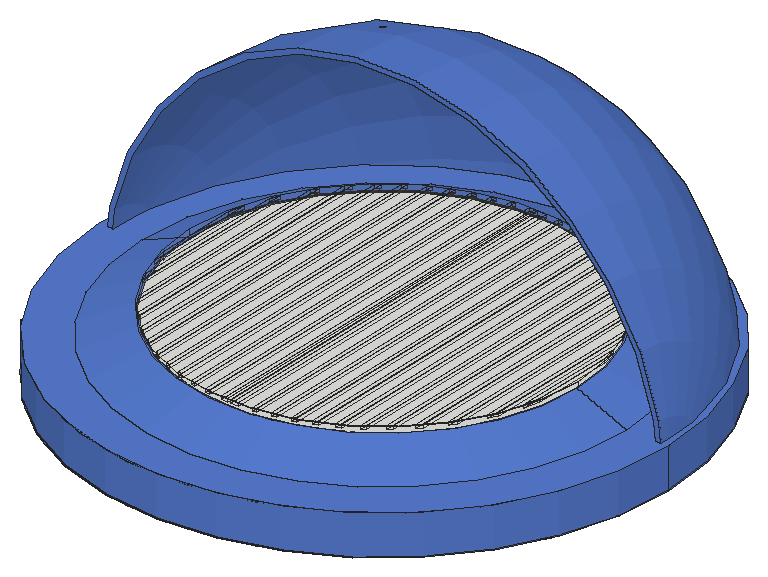
Revit family "ASL7R", category Lighting Fixtures, host Face, Revit 2014
Parameters (values of type "Flush")
  second end = Length + 0.01"  # 0.01"
  Wattage = 9.2903 W
  Warranty = "5-Years Warranty"  # constant formula
  built-in parameter 1150110 = 1 (stored number, unit not read)
  Voltage = 120 V
  Type Comments = "Lighting Fixture"  # constant formula
  built-in parameter 1114217 = 1 (stored number, unit not read)
  Tilt Angle = -180.00°
  built-in parameter 1150109 = 1 (stored number, unit not read)
  built-in parameter 1150134 = 3
  built-in parameter 1150113 = 1 (stored number, unit not read)
  Product Page URL = "https://www.hubbell.com/hubbelllightingci/en/Products/Lighting-Controls/Commercial-Outdoor-Lighting/Step-Lights/Steplights---7-Small/p/220830"
  Product Documentation Link = "https://hubbellcdn.com/specsheet/aal_asl7r_spec.pdf"
  Power Factor = 1
  Photometric Web File = "ASL7-RD-EYE-LV50.IES"
  Photometric Notes = "More IES files download on Photometric Link"  # constant formula
  Photometric Link = "https://www.hubbell.com/hubbelllightingci/en/Products/Lighting-Controls/Commercial-Outdoor-Lighting/Step-Lights/Steplights---7-Small/p/220830#prod-resources-section"
  Wattage Comments = "12W"
  URL = "https://www.hubbell.com/architecturalarealighting/en/"
  Mounting = "Wall"  # constant formula
  Model = "Steplights 7 Small"  # constant formula
  Manufacturer = "Architectural Arealighting"  # constant formula
  built-in parameter 1150105 = 109.82 (stored number, unit not read)
  Lumens = 1380 lm
  built-in parameter 1150115 = 1 (stored number, unit not read)
  Load Classification = Lighting
  built-in parameter 1150137 = (empty or 0)
  built-in parameter 1150139 = (empty or 0)
  Length = 0.00"
  built-in parameter 1150112 = 1 (stored number, unit not read)
  built-in parameter 1150114 = 1 (stored number, unit not read)
  Lamp = "LED"  # constant formula
  built-in parameter 1150132 = (empty or 0)
  built-in parameter 1150102 = (empty or 0)
  built-in parameter 1150107 = 3200 (stored number, unit not read)
  built-in parameter 1150138 = (empty or 0)
  built-in parameter 1150106 = 1.0982 (stored number, unit not read)
  Glass = Glass - Hubbell - White
  First end = 0.85"
  Fascia Design [instance] = Fascia : Frosted Lens
  Emit from Circle Diameter = 8.00"
  Emit Shape Visible in Rendering = no
  built-in parameter 1150104 = 13.8 (stored number, unit not read)
  Dimming Lamp Color Temperature Shift = <None>
  Description = "The Steplights collection brings you a full palette of designs with exceptional lighting performance. Choose from 2 shapes, 2 materials, 2 sizes, 3 fascia designs, and 3 mounting options to best suit your applications. AAL's small Steplights are now available with a 5-watt energy-efficient and long life LED system"  # constant formula
  Default Elevation = 48.00"
  Create Date = "10/29/2018"  # constant formula
  Copyright = "Copyright © 2018 Architectural Arealighting"  # constant formula
  Contact Us = "https://www.hubbell.com/hubbelllightingci/en/contactUs?productId=220846"
  Housing Material = Metal - Hubbell - Aluminum, Anodized Blue
  Color Filter = 16777215
  built-in parameter 1114218 = 1 (stored number, unit not read)
  built-in parameter 1150133 = 10 (stored number, unit not read)
  Assembly Code = "D5020200"
  Apparent Load = 0 VA
Types (4): name | second end | Tilt Angle | Length | Emit from Circle Diameter
  (no name) | 0.01" | -180.00° | 0.00" | 8.00"
  Flush | 0.01" | -180.00° | 0.00" | 8.00"
  Semi-recessed | 1.69" | -120.00° | 1.68" | 11.00"
  Surface | 4.81" | -120.00° | 4.80" | 11.00"
Reference planes (in)
  plane 1 "Center (Front/Back)": y = 13.01342
  plane 2: z = 0
  plane 3 "Center (Left/Right)": x = 0
  plane 4: z = 4
  plane 5: z = 2.68
Forms (in)
  Extrusion 1, solid, material "Metal - Hubbell - Aluminum, Anodized Blue" <- "Housing Material"
    sketch origin (0, -0.125, 0) x (1, 0, 0) y (0, 1, 0)
      loop
        circle (0, 13.13842) r 4.25
    from 0 to 0.01 <- "second end"
Lines and regions (in)
  reference lines
    curve 1: line (-11.5, 13.01342, 0) -> (14.25, 13.01342, 0)
Dimensions and locks (in)
  "Length": curve 1 to plane 2
  plane 4 to plane 5 to plane 2 = 1.32", 2.68"
  plane 5 to plane 2 = 2.68"
  aligned and locked: plane 2 to host face
  aligned and locked: level to host face
  aligned and locked: plane 3 "Center (Left/Right)" to nested 1
  aligned and locked: plane 3 "Center (Left/Right)" to Extrusion 1 sketch curve
  aligned and locked: plane 1 "Center (Front/Back)" to Extrusion 1 sketch curve
  aligned and locked: curve 1 to nested 1
Automatic sketch dimensions
  host sketch curve to host sketch curve = 96.00"  (x2)
  curve 1 to plane 3 "Center (Left/Right)" = 11.50"
  plane 3 "Center (Left/Right)" to curve 1 = 14.25"
  radius of Extrusion 1 sketch curve = 4.25"
Nested families (in)
  nested 1: "Fascia" at (0, 13.01342, 0), type "RD Eye Eyelid"
Definition of nested family "Fascia"
  Parameters (values of type "Linear Spread lens")
    second end = 1.31"
    RD-Eye Eyelid = no
    Linear Spread = yes
    Glass = Glass - Hubbell - White
    First end = 0.85"
    Face Material = Metal-Hubbell-Aluminum Anodized Blue
    Cross = no
  Types (5): name | RD-Eye Eyelid | Linear Spread | Glass | Cross
    Frosted Lens | no | no | Steel, Non-Alloy | no
    Linear Spread lens | no | yes | Glass - Hubbell - White | no
    Cross Frosted Lens | no | no | Glass - Hubbell - White | yes
    Cross Linear Spread lens | no | yes | Glass - Hubbell - White | yes
    RD Eye Eyelid | yes | yes | Glass - Hubbell - White | no
  Reference planes (in)
    plane 1 "Center (Front/Back)": y = 0
    plane 2: z = 0
    plane 3 "Center (Left/Right)": x = 0
  Forms (in)
    Extrusion 1, solid, material "Metal-Hubbell-Aluminum Anodized Blue" <- "Face Material"
      sketch origin (0, 0, 0) x (1, 0, 0) y (0, 1, 0)
        loop
          circle (0, 0) r 4.25
      from 0 to 0.6
    Blend 2, solid, material "Metal-Hubbell-Aluminum Anodized Blue" <- "Face Material"
      base sketch origin (0, 0, 0.85) x (1, 0, 0) y (0, 1, 0)
        loop
          circle (0, 0) r 3.625
      top sketch origin (0, 0, 0.85) x (1, 0, 0) y (0, 1, 0)
        loop
          circle (0, 0) r 2.875
      from -0.25 to 0.05
    Extrusion 3, solid, material "Metal-Hubbell-Aluminum Anodized Blue" <- "Face Material", visible <- "Cross"
      sketch origin (0, 0, 0) x (1, 0, 0) y (0, 1, 0)
        loop
          arc (-0.22051, -2.86653) -> (-0.00418, -2.875) -> (0.21218, -2.86716) r 2.875
          line (0.21218, -2.86716) -> (0.21218, -0.21637) -> (2.86704, -0.21378)
          arc (2.86704, -0.21378) -> (2.87301, -0.10697) -> (2.875, 0) r 2.875
          arc (2.875, 0) -> (2.87291, 0.10953) -> (2.86665, 0.2189) r 2.875
          line (2.86665, 0.2189) -> (0.21218, 0.21632) -> (0.21218, 2.86716)
          arc (0.21218, 2.86716) -> (-0.00418, 2.875) -> (-0.22051, 2.86653) r 2.875
          line (-0.22051, 2.86653) -> (-0.22051, 0.2159) -> (-2.86707, 0.21332)
          arc (-2.86707, 0.21332) -> (-2.87302, 0.10674) -> (-2.875, 0) r 2.875
          arc (-2.875, 0) -> (-2.8729, -0.10976) -> (-2.86662, -0.21936) r 2.875
          line (-2.86662, -0.21936) -> (-0.22051, -0.21679) -> (-0.22051, -2.86653)
      from 0.99116 to 1.05036
    Revolve 4, solid, material "Metal-Hubbell-Aluminum Anodized Blue" <- "Face Material", visible <- "RD-Eye Eyelid"
      sketch origin (0, 0, 0) x (1, 0, 0) y (0, 1, 0)
        loop
          line (-4.19033, 0) -> (-4.11052, 0)
          arc (-4.11052, 0) -> (0, 4.11052) -> (4.11052, 0) r 4.11052
          line (4.11052, 0) -> (4.19033, 0)
          arc (4.19033, 0) -> (0, 4.19033) -> (-4.19033, 0) r 4.19033
        axis (4.19033, 0) -> (-4.19033, 0)
      angle from -90 to 0
    Extrusion 5, solid, material "Glass - Hubbell - White" <- "Glass", visible <- "Linear Spread"
      sketch origin (0, 0, 0) x (1, 0, 0) y (0, 1, 0)
        loop
          circle (0, 0) r 2.9
      from 0.9 to 0.99116
    Extrusion 6, void
      sketch origin (0, 0, 0) x (1, 0, 0) y (0, 1, 0)
        loop
          arc (0.32072, -2.85705) -> (0.35124, -2.85346) -> (0.38172, -2.84955) r 2.875
          line (0.38172, -2.84955) -> (0.38172, 2.84955)
          arc (0.38172, 2.84955) -> (0.35124, 2.85346) -> (0.32072, 2.85705) r 2.875
          line (0.32072, 2.85705) -> (0.32072, -2.85705)
        loop
          arc (0.57072, -2.81778) -> (0.60126, -2.81143) -> (0.63172, -2.80474) r 2.875
          line (0.63172, -2.80474) -> (0.63172, 2.80474)
          arc (0.63172, 2.80474) -> (0.60126, 2.81143) -> (0.57072, 2.81778) r 2.875
          line (0.57072, 2.81778) -> (0.57072, -2.81778)
        loop
          arc (0.82072, -2.75537) -> (0.85128, -2.74608) -> (0.88172, -2.73646) r 2.875
          line (0.88172, -2.73646) -> (0.88172, 2.73646)
          arc (0.88172, 2.73646) -> (0.85128, 2.74608) -> (0.82072, 2.75537) r 2.875
          line (0.82072, 2.75537) -> (0.82072, -2.75537)
        loop
          arc (1.07072, -2.66818) -> (1.1013, -2.65571) -> (1.13172, -2.64288) r 2.875
          line (1.13172, -2.64288) -> (1.13172, 2.64288)
          arc (1.13172, 2.64288) -> (1.1013, 2.65571) -> (1.07072, 2.66818) r 2.875
          line (1.07072, 2.66818) -> (1.07072, -2.66818)
        loop
          arc (1.32072, -2.55369) -> (1.35132, -2.53763) -> (1.38172, -2.5212) r 2.875
          line (1.38172, -2.5212) -> (1.38172, 2.5212)
          arc (1.38172, 2.5212) -> (1.35132, 2.53763) -> (1.32072, 2.55369) r 2.875
          line (1.32072, 2.55369) -> (1.32072, -2.55369)
        loop
          arc (1.57072, -2.408) -> (1.60135, -2.38774) -> (1.63172, -2.36709) r 2.875
          line (1.63172, -2.36709) -> (1.63172, 2.36709)
          arc (1.63172, 2.36709) -> (1.60135, 2.38774) -> (1.57072, 2.408) r 2.875
          line (1.57072, 2.408) -> (1.57072, -2.408)
        loop
          arc (1.82072, -2.22499) -> (1.8514, -2.19953) -> (1.88172, -2.17365) r 2.875
          line (1.88172, -2.17365) -> (1.88172, 2.17365)
          arc (1.88172, 2.17365) -> (1.8514, 2.19953) -> (1.82072, 2.22499) r 2.875
          line (1.82072, 2.22499) -> (1.82072, -2.22499)
        loop
          arc (2.07072, -1.99442) -> (2.10148, -1.96199) -> (2.13172, -1.92909) r 2.875
          line (2.13172, -1.92909) -> (2.13172, 1.92909)
          arc (2.13172, 1.92909) -> (2.10148, 1.96199) -> (2.07072, 1.99442) r 2.875
          line (2.07072, 1.99442) -> (2.07072, -1.99442)
        loop
          arc (2.32072, -1.69702) -> (2.35162, -1.65393) -> (2.38172, -1.61029) r 2.875
          line (2.38172, -1.61029) -> (2.38172, 1.61029)
          arc (2.38172, 1.61029) -> (2.35162, 1.65393) -> (2.32072, 1.69702) r 2.875
          line (2.32072, 1.69702) -> (2.32072, -1.69702)
        loop
          arc (2.57072, -1.28725) -> (2.60203, -1.22272) -> (2.63172, -1.15744) r 2.875
          line (2.63172, -1.15744) -> (2.63172, 1.15744)
          arc (2.63172, 1.15744) -> (2.60203, 1.22272) -> (2.57072, 1.28725) r 2.875
          line (2.57072, 1.28725) -> (2.57072, -1.28725)
        loop
          arc (2.74957, -0.83995) -> (2.78254, -0.72325) -> (2.81057, -0.60527) r 2.875
          line (2.81057, -0.60527) -> (2.81057, 0.60527)
          arc (2.81057, 0.60527) -> (2.78254, 0.72325) -> (2.74957, 0.83995) r 2.875
          line (2.74957, 0.83995) -> (2.74957, -0.83995)
        loop
          line (-0.04309, -2.87476) -> (-0.04309, 2.87468)
          arc (-0.04309, 2.87468) -> (-0.08742, 2.87367) -> (-0.13172, 2.87198) r 2.875
          line (-0.13172, 2.87198) -> (-0.13172, -2.87276)
          arc (-0.13172, -2.87276) -> (-0.08741, -2.87401) -> (-0.04309, -2.87476) r 3.875
        loop
          line (-0.32072, -2.85705) -> (-0.32072, 2.85705)
          arc (-0.32072, 2.85705) -> (-0.35124, 2.85346) -> (-0.38172, 2.84955) r 2.875
          line (-0.38172, 2.84955) -> (-0.38172, -2.84955)
          arc (-0.38172, -2.84955) -> (-0.35124, -2.85346) -> (-0.32072, -2.85705) r 2.875
        loop
          line (-0.57072, -2.81778) -> (-0.57072, 2.81778)
          arc (-0.57072, 2.81778) -> (-0.60126, 2.81143) -> (-0.63172, 2.80474) r 2.875
          line (-0.63172, 2.80474) -> (-0.63172, -2.80474)
          arc (-0.63172, -2.80474) -> (-0.60126, -2.81143) -> (-0.57072, -2.81778) r 2.875
        loop
          line (-0.82072, -2.75537) -> (-0.82072, 2.75537)
          arc (-0.82072, 2.75537) -> (-0.85128, 2.74608) -> (-0.88172, 2.73646) r 2.875
          line (-0.88172, 2.73646) -> (-0.88172, -2.73646)
          arc (-0.88172, -2.73646) -> (-0.85128, -2.74608) -> (-0.82072, -2.75537) r 2.875
        loop
          line (-1.07072, -2.66818) -> (-1.07072, 2.66818)
          arc (-1.07072, 2.66818) -> (-1.1013, 2.65571) -> (-1.13172, 2.64288) r 2.875
          line (-1.13172, 2.64288) -> (-1.13172, -2.64288)
          arc (-1.13172, -2.64288) -> (-1.1013, -2.65571) -> (-1.07072, -2.66818) r 2.875
        loop
          line (-1.32072, -2.55369) -> (-1.32072, 2.55369)
          arc (-1.32072, 2.55369) -> (-1.35132, 2.53763) -> (-1.38172, 2.5212) r 2.875
          line (-1.38172, 2.5212) -> (-1.38172, -2.5212)
          arc (-1.38172, -2.5212) -> (-1.35132, -2.53763) -> (-1.32072, -2.55369) r 2.875
        loop
          line (-1.57072, -2.408) -> (-1.57072, 2.408)
          arc (-1.57072, 2.408) -> (-1.60135, 2.38774) -> (-1.63172, 2.36709) r 2.875
          line (-1.63172, 2.36709) -> (-1.63172, -2.36709)
          arc (-1.63172, -2.36709) -> (-1.60135, -2.38774) -> (-1.57072, -2.408) r 2.875
        loop
          line (-1.82072, -2.22499) -> (-1.82072, 2.22499)
          arc (-1.82072, 2.22499) -> (-1.8514, 2.19953) -> (-1.88172, 2.17365) r 2.875
          line (-1.88172, 2.17365) -> (-1.88172, -2.17365)
          arc (-1.88172, -2.17365) -> (-1.8514, -2.19953) -> (-1.82072, -2.22499) r 2.875
        loop
          line (-2.07072, -1.99442) -> (-2.07072, 1.99442)
          arc (-2.07072, 1.99442) -> (-2.10148, 1.96199) -> (-2.13172, 1.92909) r 2.875
          line (-2.13172, 1.92909) -> (-2.13172, -1.92909)
          arc (-2.13172, -1.92909) -> (-2.10148, -1.96199) -> (-2.07072, -1.99442) r 2.875
        loop
          line (-2.32072, -1.69702) -> (-2.32072, 1.69702)
          arc (-2.32072, 1.69702) -> (-2.35162, 1.65393) -> (-2.38172, 1.61029) r 2.875
          line (-2.38172, 1.61029) -> (-2.38172, -1.61029)
          arc (-2.38172, -1.61029) -> (-2.35162, -1.65393) -> (-2.32072, -1.69702) r 2.875
        loop
          line (-2.57072, -1.28725) -> (-2.57072, 1.28725)
          arc (-2.57072, 1.28725) -> (-2.60203, 1.22272) -> (-2.63172, 1.15744) r 2.875
          line (-2.63172, 1.15744) -> (-2.63172, -1.15744)
          arc (-2.63172, -1.15744) -> (-2.60203, -1.22272) -> (-2.57072, -1.28725) r 2.875
        loop
          line (-2.74957, -0.83995) -> (-2.74957, 0.83995)
          arc (-2.74957, 0.83995) -> (-2.78254, 0.72325) -> (-2.81057, 0.60527) r 2.875
          line (-2.81057, 0.60527) -> (-2.81057, -0.60527)
          arc (-2.81057, -0.60527) -> (-2.78254, -0.72325) -> (-2.74957, -0.83995) r 2.875
        loop
          line (0.13172, -2.87276) -> (0.13172, 2.87468)
          arc (0.13172, 2.87468) -> (0.06583, 2.87293) -> (0, 2.86968) r 2.875
          line (0, 2.86968) -> (0, -2.87276) -> (0.13172, -2.87276)
      from 0.93584 to 0.99116
  Cuts and joins
    Extrusion 6 cuts Extrusion 1
    Extrusion 6 cuts Extrusion 5
  Dimensions and locks (in)
    cut or joined group of Extrusion 5, Extrusion 6 to cut or joined group of Extrusion 1, Extrusion 6 to cut or joined group of Extrusion 1, Extrusion 6 = 0.30", 0.60"
    Blend 2 to cut or joined group of Extrusion 1, Extrusion 6 = 0.90"
    diameter of cut or joined group of Extrusion 1, Extrusion 6 = 8.50"
    aligned and locked: plane 2 to level
    aligned and locked: Blend 2 to cut or joined group of Extrusion 1, Extrusion 6
    aligned and locked: cut or joined group of Extrusion 5, Extrusion 6 to Extrusion 6
